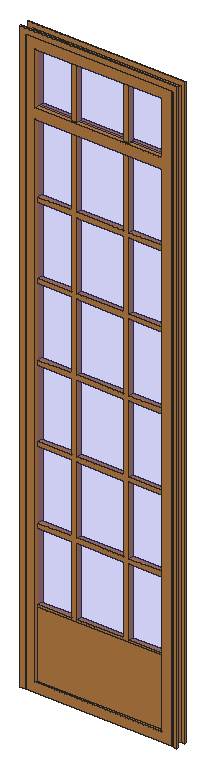
Revit family "WST_A3-Durowin-610x2449-SDAFI", category Doors, host Wall, Revit 2016
Family settings
  Host = Wall
  Always vertical = Yes
  Cut with Voids When Loaded = No
  Shared = No
  Room Calculation Point = No
Parameters (values of type "SDAFI Durowin")
  URL = "http://www.Durowin.com"
  Thickness = 0 mm
  Rough Width = Width + (2 * Frame Width)  # 654 mm
  Rough Height = Height + Frame Width  # 2471 mm
  Panel Width = 800 mm
  Model Type = "Sidelight"
  Model = "French Door And Sidelights"
  Material Glass = Glass
  Material Door Panel = Default Steel Door Panel
  Material Door Frame = Default Steel Door Frame
  Manufacturer Code Panel = "SDAFI"
  Manufacturer Code Frame = "SDAFI"
  Manufacturer = "Durowin"
  Height = 2449 mm
  Wall Closure = By host
  Width = 610 mm
  Function = Interior
  Frame Width = 22 mm
  Construction Type = "Steel"
  Assembly Code = "B2030120"
Reference planes
  plane 1 "Center Line": y = 0
  plane 2 "Center (Left/Right)": x = -102.667
  plane 3 "Left": x = -320.667
  plane 4 "Right": x = 333.333
  plane 5: z = 2471
  plane 6 "Exterior": y = 110
  plane 7 "Interior": y = -110
  plane 8: x = 423.333
  plane 9: x = -410.667
  plane 10: x = 281.333
  plane 11: x = 311.333
  plane 12: x = -298.667
  plane 13: z = 2449
  plane 14: z = 317.571
  plane 15 "Panel centre": y = -24.5
  plane 16 "panel interior": y = -35.5
  plane 17 "Panel Exterior": y = -13.5
  plane 18: x = -257.667
  plane 19: x = 270.333
  plane 20: z = 1535.531
  plane 21: z = 105
  plane 22: z = 1840.02
  plane 23: z = 1231.041
  plane 24: z = 926.551
  plane 25: z = 622.061
  plane 26: z = 2144.51
  plane 27: x = -298.667
  plane 28: x = 311.333
  plane 29: y = -910
  plane 30: z = 2185.51
  plane 31: x = 115.333
Forms (mm)
  Sweep 1, solid, material "Default Steel Door Frame" <- "Material Door Frame", detail levels medium+fine
    path origin (0, 0, 0) x (1, 0, 0) y (0, 0, 1)
      loop
        line (333.333, 0) -> (333.333, 2471) -> (-320.667, 2471) -> (-320.667, 0)
    profile origin (0, 0, 1235.5) x (-1, 0, 0) y (0, -1, 0)
      loop
        line (-333.333, 0) -> (-298.333, 0) -> (-298.333, 3) -> (-311.333, 3) -> (-311.333, 45) -> (-333.333, 45) -> (-333.333, 42.02) -> (-314.333, 42.02) -> (-314.333, 3) -> (-333.333, 3) -> (-333.333, 0)
  Extrusion 2, solid, material "Default Steel Door Panel" <- "Material Door Panel", detail levels medium+fine
    sketch origin (0, 0, 0) x (1, 0, 0) y (0, 0, 1)
      loop
        line (-298.667, 0) -> (311.333, 0) -> (311.333, 2449) -> (-298.667, 2449) -> (-298.667, 0)
      loop
        line (-257.667, 41) -> (270.333, 41) -> (270.333, 2144.51) -> (-257.667, 2144.51) -> (-257.667, 41)
      loop
        line (-257.667, 2185.51) -> (270.333, 2185.51) -> (270.333, 2408) -> (-257.667, 2408) -> (-257.667, 2185.51)
    from 3 to 45
  Extrusion 3, solid, material "Glass" <- "Material Glass", detail levels medium+fine
    sketch origin (0, -24.5, 0) x (1, 0, 0) y (0, 0, 1)
      loop
        line (270.333, 317.571) -> (270.333, 2144.51) -> (-257.667, 2144.51) -> (-257.667, 317.571) -> (270.333, 317.571)
      loop
        line (-257.667, 2408) -> (-257.667, 2185.51) -> (270.333, 2185.51) -> (270.333, 2408) -> (-257.667, 2408)
    from 5 to -5
  Extrusion 4, solid, material "Default Steel Door Panel" <- "Material Door Panel", detail levels medium+fine
    sketch origin (0, -24.5, 0) x (1, 0, 0) y (0, 0, 1)
      loop
        line (270.333, 41) -> (270.333, 317.571) -> (-257.667, 317.571) -> (-257.667, 41) -> (270.333, 41)
    from 11 to -11
  Sweep 5, solid, material "Default Steel Door Panel" <- "Material Door Panel", detail levels medium+fine
    path origin (2.111, -24.5, 21.11) x (1, 0, 0) y (0, 0, 1)
      loop
        line (270.333, 1818.911) -> (-259.778, 1818.911)
    profile origin (7.389, 0, 0) x (0, 0, -1) y (0, -1, 0)
      loop
        line (-1830.02, 14.5) -> (-1830.02, 34.5) -> (-1850.02, 34.5) -> (-1850.02, 14.5) -> (-1830.02, 14.5)
  Sweep 6, solid, material "Default Steel Door Panel" <- "Material Door Panel", detail levels medium+fine
    path origin (0, -24.5, -500.091) x (1, 0, 0) y (0, 0, 1)
      loop
        line (270.333, 2035.621) -> (-257.667, 2035.621)
    profile origin (6.333, 0, 0) x (0, 0, -1) y (0, -1, 0)
      loop
        line (-1525.531, 14.5) -> (-1525.531, 34.5) -> (-1545.531, 34.5) -> (-1545.531, 14.5) -> (-1525.531, 14.5)
  Sweep 7, solid, material "Default Steel Door Panel" <- "Material Door Panel", detail levels medium+fine
    path origin (0.036, -24.5, -1027.218) x (1, 0, 0) y (0, 0, 1)
      loop
        line (270.333, 1649.279) -> (-257.703, 1649.279)
    profile origin (6.352, 0, 0) x (0, 0, -1) y (0, -1, 0)
      loop
        line (-612.061, 14.5) -> (-612.061, 34.5) -> (-632.061, 34.5) -> (-632.061, 14.5) -> (-612.061, 14.5)
  Sweep 8, solid, material "Default Steel Door Panel" <- "Material Door Panel", detail levels medium+fine
    path origin (2.111, -24.5, -255.462) x (1, 0, 0) y (0, 0, 1)
      loop
        line (270.333, 1486.502) -> (-259.778, 1486.502)
    profile origin (7.389, 0, 0) x (0, 0, -1) y (0, -1, 0)
      loop
        line (-1221.041, 14.5) -> (-1221.041, 34.5) -> (-1241.041, 34.5) -> (-1241.041, 14.5) -> (-1221.041, 14.5)
  Sweep 9, solid, material "Default Steel Door Panel" <- "Material Door Panel", detail levels medium+fine
    path origin (2.111, -24.5, -808.605) x (1, 0, 0) y (0, 0, 1)
      loop
        line (270.333, 1735.156) -> (-259.778, 1735.156)
    profile origin (7.389, 0, 0) x (0, 0, -1) y (0, -1, 0)
      loop
        line (-916.551, 14.5) -> (-916.551, 34.5) -> (-936.551, 34.5) -> (-936.551, 14.5) -> (-916.551, 14.5)
  Sweep 10, solid, material "Default Steel Door Panel" <- "Material Door Panel", detail levels medium+fine
    path origin (-295.25, -24.5, 0) x (1, 0, 0) y (0, 0, 1)
      loop
        line (192.583, 2408) -> (192.583, 317.571)
    profile origin (0, 0, 1362.786) x (0, -1, 0) y (1, 0, 0)
      loop
        line (34.5, -112.667) -> (34.5, -92.667) -> (14.5, -92.667) -> (14.5, -112.667) -> (34.5, -112.667)
  Sweep 11, solid, material "Default Steel Door Panel" <- "Material Door Panel", detail levels medium+fine
    path origin (0.036, -24.5, -1329.956) x (1, 0, 0) y (0, 0, 1)
      loop
        line (270.333, 1647.527) -> (-257.703, 1647.527)
    profile origin (6.352, 0, 0) x (0, 0, -1) y (0, -1, 0)
      loop
        line (-307.571, 14.5) -> (-307.571, 34.5) -> (-327.571, 34.5) -> (-327.571, 14.5) -> (-307.571, 14.5)
  Sweep 12, solid, material "Default Steel Door Panel" <- "Material Door Panel", detail levels medium+fine
    path origin (-109.138, -24.5, 0) x (1, 0, 0) y (0, 0, 1)
      loop
        line (224.471, 2408) -> (224.471, 317.571)
    profile origin (0, 0, 1362.786) x (0, -1, 0) y (1, 0, 0)
      loop
        line (34.5, 105.333) -> (34.5, 125.333) -> (14.5, 125.333) -> (14.5, 105.333) -> (34.5, 105.333)
Cuts and joins
  joined: Sweep 5, Sweep 6, Sweep 7, Sweep 8, Sweep 9, Sweep 10, Sweep 11, Sweep 12
Lines and regions (mm)
  Opening 1
    outline origin (-3050, -110, 0) x (1, 0, 0) y (0, 0, 1)
      loop
        line (2729.333, 0) -> (3383.333, 0) -> (3383.333, 2471) -> (2729.333, 2471) -> (2729.333, 0)
  symbolic lines, style "DoorsPanelProjection", detail levels coarse
    curve 1: line (-320.667, 0, 0) -> (333.333, 0, 0)
  symbolic lines, style "Overhead", detail levels medium+fine
    curve 2: line (-320.667, -110, 0) -> (333.333, -110, 0)
    curve 3: line (333.333, 110, 0) -> (-320.667, 110, 0)
Text (mm)
  text "Exterior" at (-2295.016, 1099.543, 0), in view "Ref. Level"
  text "Exterior" at (0, 1615.38, 3698.081), in view "Left"
  text "Exterior" at (0, 1036.032, 3874.932), in view "Right"
Dimensions and locks
  plane 3 "Left" to plane 2 "Center (Left/Right)" to plane 4 "Right" = 218 mm, 436 mm
  "Width": plane 12 to plane 11
  "Height": plane 13 to host wall
  host wall to plane 20 to plane 5 = 1535.531 mm, 935.469 mm
  locked: host wall to plane 6 "Exterior" at 0
  locked: plane 7 "Interior" to host wall
  locked: plane 4 "Right" to plane 8 at 90
  plane 9 to plane 3 "Left" = 90 mm
  locked: plane 10 to plane 4 "Right" at 52
  "Frame Width": plane 3 "Left" to plane 12
  "Frame Width": plane 11 to plane 4 "Right"
  "Frame Width": plane 13 to plane 5
  locked: plane 15 "Panel centre" to plane 1 "Center Line" at 24.5
  plane 19 to plane 4 "Right" = 63 mm
  plane 3 "Left" to plane 18 = 63 mm  (x2)
  plane 26 to plane 5 = 326.49 mm
  "Panel Width": plane 29 to plane 7 "Interior"
  Sweep 1 to plane 18 = 41 mm
  plane 19 to plane 28 = 41 mm
  equal spacing: plane 3 "Left", plane 2 "Center (Left/Right)", plane 31, plane 4 "Right"
  equal spacing: plane 13, plane 26, plane 22, plane 20, plane 23, plane 24, plane 25, plane 14
  aligned and locked: plane 3 "Left" to Opening 1 sketch curve
  aligned and locked: plane 5 to Opening 1 sketch curve  (x2)
  aligned and locked: Opening 1 sketch curve to plane 4 "Right"
  aligned and locked: Opening 1 sketch curve to level
  aligned and locked: plane 1 "Center Line" to host wall
  aligned and locked: Extrusion 3 sketch curve to Extrusion 2  (x3)
  aligned and locked: plane 14 to Extrusion 3 sketch curve
  aligned and locked: Extrusion 4 sketch curve to Extrusion 2
  aligned and locked: Extrusion 2 to Sweep 8 sketch curve
  aligned and locked: Extrusion 2 to Sweep 9 sketch curve
  aligned and locked: Extrusion 2 to Sweep 7 sketch curve
  aligned and locked: Sweep 7 sketch curve to plane 25
  aligned and locked: Sweep 9 sketch curve to plane 24
  aligned and locked: Sweep 6 sketch curve to plane 20
  aligned and locked: Extrusion 2 to Sweep 6 sketch curve
  aligned and locked: Sweep 8 sketch curve to plane 23
  aligned and locked: Sweep 5 sketch curve to plane 22
  aligned and locked: Extrusion 2 to Sweep 5 sketch curve
  aligned and locked: plane 12 to plane 27
  aligned and locked: plane 11 to plane 28
  aligned and locked: Sweep 1 sketch curve to host wall
  aligned and locked: Sweep 1 sketch curve to plane 5
  aligned and locked: Extrusion 2 sketch curve to plane 12
  aligned and locked: plane 18 to Extrusion 2 sketch curve
  aligned and locked: plane 26 to Extrusion 2 sketch curve
  aligned and locked: plane 31 to Sweep 12 sketch curve
  aligned and locked: Extrusion 2 to Sweep 12 sketch curve
  aligned and locked: Sweep 10 sketch curve to plane 2 "Center (Left/Right)"
  aligned and locked: Extrusion 2 to Sweep 10 sketch curve
  aligned and locked: plane 28 to Sweep 1 sketch curve
  aligned and locked: Sweep 1 sketch curve to Sweep 1 sketch curve
Automatic sketch dimensions
  plane 14 to Extrusion 4 sketch curve = 0 mm
  Extrusion 4 sketch curve to plane 19 = 0 mm
  plane 21 to Extrusion 4 sketch curve = 64 mm
  profile plane to Sweep 5 sketch curve = 10 mm
  Sweep 5 sketch curve to plane 15 "Panel centre" = 10 mm
  Sweep 5 sketch curve to profile plane = 10 mm
  plane 15 "Panel centre" to Sweep 5 sketch curve = 10 mm
  Sweep 5 sketch curve to plane 19 = 2.111 mm
  Sweep 6 sketch curve to plane 19 = 0 mm
  profile plane to Sweep 6 sketch curve = 10 mm  (x2)
  Sweep 6 sketch curve to profile plane = 10 mm  (x2)
  Sweep 7 sketch curve to plane 19 = 0.036 mm
  profile plane to Sweep 7 sketch curve = 10 mm  (x2)
  Sweep 7 sketch curve to profile plane = 10 mm  (x2)
  Sweep 8 sketch curve to plane 19 = 2.111 mm
  profile plane to Sweep 8 sketch curve = 10 mm  (x2)
  Sweep 8 sketch curve to profile plane = 10 mm  (x2)
  Sweep 9 sketch curve to plane 19 = 2.111 mm
  profile plane to Sweep 9 sketch curve = 10 mm  (x2)
  Sweep 9 sketch curve to profile plane = 10 mm  (x2)
  Sweep 1 sketch curve to plane 4 "Right" = 0 mm
  Sweep 1 sketch curve to level = 0 mm  (x2)
  Sweep 10 sketch curve to plane 14 = 0 mm
  Sweep 10 sketch curve to profile plane = 10 mm  (x2)
  profile plane to Sweep 10 sketch curve = 10 mm  (x2)
  Sweep 11 sketch curve to plane 14 = 0 mm
  Sweep 11 sketch curve to plane 18 = 0 mm
  Sweep 11 sketch curve to plane 19 = 0.036 mm
  profile plane to Sweep 11 sketch curve = 10 mm  (x2)
  Sweep 11 sketch curve to profile plane = 10 mm  (x2)
  Sweep 12 sketch curve to plane 14 = 0 mm
  Sweep 12 sketch curve to profile plane = 10 mm  (x2)
  profile plane to Sweep 12 sketch curve = 10 mm  (x2)
  Extrusion 2 sketch curve to plane 18 = 0 mm
  Extrusion 2 sketch curve to plane 19 = 0 mm  (x2)
  Extrusion 2 sketch curve to plane 11 = 0 mm
  Extrusion 2 sketch curve to level = 0 mm
  Extrusion 2 sketch curve to plane 30 = 0 mm
  Extrusion 2 sketch curve to plane 13 = 0 mm
  level to Extrusion 2 sketch curve = 41 mm
  plane 13 to Extrusion 2 sketch curve = 41 mm
  Extrusion 3 sketch curve to plane 18 = 0 mm
  Extrusion 3 sketch curve to plane 19 = 0 mm
  Extrusion 3 sketch curve to plane 30 = 0 mm
  plane 13 to Extrusion 3 sketch curve = 41 mm
  curve 3 to host wall = 0 mm
  curve 3 to plane 3 "Left" = 0 mm
  curve 2 to host wall = 0 mm
  curve 2 to plane 3 "Left" = 0 mm
  curve 1 to host wall = 0 mm
  curve 1 to plane 3 "Left" = 0 mm
  curve 3 to plane 4 "Right" = 0 mm
  curve 2 to plane 4 "Right" = 0 mm
  curve 1 to plane 4 "Right" = 0 mm
  Sweep 1 sketch curve to plane 1 "Center Line" = 0 mm
  Sweep 1 sketch curve to profile plane = 0 mm  (x2)
  Sweep 1 sketch curve to Sweep 1 sketch curve = 3 mm
  Sweep 1 sketch curve to Sweep 1 sketch curve = 13 mm
  plane 1 "Center Line" to Sweep 1 sketch curve = 3 mm
  Sweep 1 sketch curve to Sweep 1 sketch curve = 39.02 mm
  Sweep 1 sketch curve to Sweep 1 sketch curve = 2.98 mm
